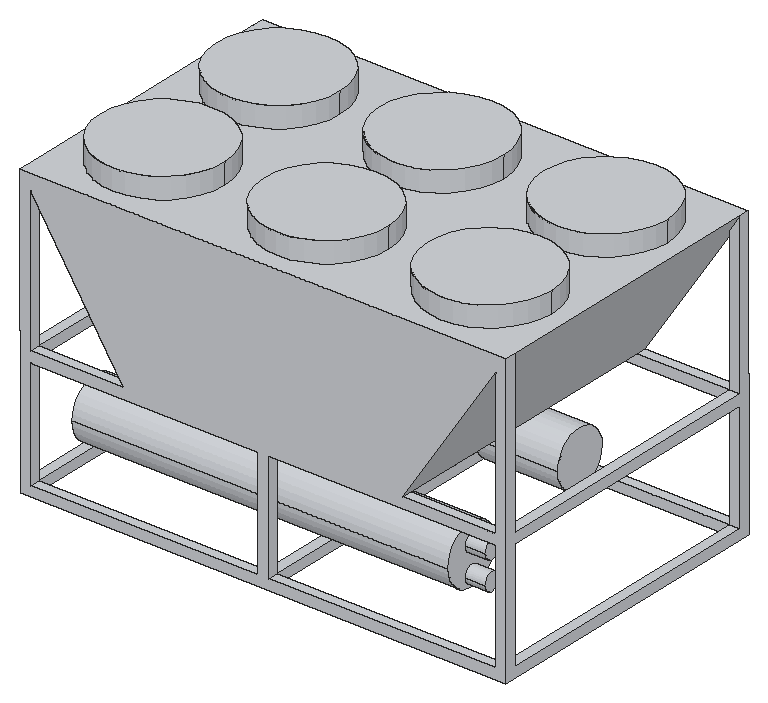
Revit family "c556f8a1758b4144b955f303002b6293", category Mechanical Equipment, Revit 2021
Family settings
  Round Connector Dimension = Use Radius
  Part Type = Normal
  OmniClass Number = 23.75.10.24.21.21.21
  OmniClass Title = Rotary-Screw Water Chillers
  Seek Item ID = Screw Chiller - Air Cooled - 80-350 Tons-0000-USA-ENU
  Work Plane-Based = No
  Always vertical = Yes
  Cut with Voids When Loaded = No
  Shared = No
  Room Calculation Point = No
Parameters (values of type "80 Tons")
  Voltage = 460 V
  Load Classification = Cooling
  Default Elevation = 0' - 0"
  Chilled Water Pressure Drop [instance] = 5.03 psi
  Radius 1 = 0' 5" + Chilled Water Return Radius + 0' 1"  # 0' - 8 1/2"
  Number of Poles = 3
  Number of Fans = 6
  Length 2 = Radius 1 + 0' 1"  # 0' - 9 1/2"
  Length 1 = 0' - 5 53/64"
  Half Number of Fans = Number of Fans / 2  # 3
  Drain Flow [instance] = 0 GPM
  Chilled Water Supply Radius = Chilled Water Supply Diameter / 2  # 2 1/2"
  Chilled Water Supply Diameter = 5"
  Chilled Water Return Radius = Chilled Water Return Diameter / 2  # 2 1/2"
  Chilled Water Return Diameter = 5"
  Chilled Water Flow [instance] = 181 GPM
  Cold Capacity = 905886 Btu/h
  Chiller Material = none
  Chiller Length = 11' - 9 7/32"
  C2 Offset 2 = 0' - 10 205/256"
  C1 Offset 3 = 10' - 1 11/64"
  C1 Offset 2 = 1' - 7 15/256"
  C1 Offset 1 = 5' - 8 15/256"
  Apparent Load [instance] = 91600 VA
Types (8): name | Chilled Water Pressure Drop | Radius 1 | Number of Fans | Length 2 | Length 1 | Half Number of Fans | Chilled Water Supply Radius | Chilled Water Supply Diameter | Chilled Water Return Radius | Chilled Water Return Diameter | Chilled Water Flow | Cold Capacity | Chiller Length | C2 Offset 2 | C1 Offset 3 | C1 Offset 2 | C1 Offset 1 | Apparent Load
  (no name) | 5.03 psi | 0' - 8 1/2" | 6 | 0' - 9 1/2" | 0' - 5 53/64" | 3 | 2 1/2" | 5" | 2 1/2" | 5" | 181 GPM | 905886 Btu/h | 11' - 9 7/32" | 0' - 10 205/256" | 10' - 1 11/64" | 1' - 7 15/256" | 5' - 8 15/256" | 91600 VA
  80 Tons | 5.03 psi | 0' - 8 1/2" | 6 | 0' - 9 1/2" | 0' - 5 53/64" | 3 | 2 1/2" | 5" | 2 1/2" | 5" | 181 GPM | 905886 Btu/h | 11' - 9 7/32" | 0' - 10 205/256" | 10' - 1 11/64" | 1' - 7 15/256" | 5' - 8 15/256" | 91600 VA
  90-120 Tons | 5.98 psi | 0' - 8 1/2" | 8 | 0' - 9 1/2" | 0' - 5 131/256" | 4 | 2 1/2" | 5" | 2 1/2" | 5" | 265 GPM | 1327268 Btu/h | 15' - 8 51/256" | 0' - 10 69/256" | 11' - 2 187/256" | 1' - 7 15/256" | 5' - 10 41/256" | 129500 VA
  140-160 Tons | 5.72 psi | 0' - 8 1/2" | 10 | 0' - 9 1/2" | 0' - 5 215/256" | 5 | 2 1/2" | 5" | 2 1/2" | 5" | 364 GPM | 1825761.2 Btu/h | 19' - 7 61/256" | 0' - 10 69/256" | 11' - 3 15/256" | 1' - 7 15/256" | 5' - 10 41/256" | 173000 VA
  180-200 Tons | 6.68 psi | 0' - 9" | 12 | 0' - 10" | 5' - 1 77/128" | 6 | 3" | 6" | 3" | 6" | 464 GPM | 2325960.4 Btu/h | 23' - 6 51/256" | 0' - 11 77/256" | 14' - 9 83/128" | 1' - 10 123/256" | 5' - 10 41/256" | 217200 VA
  220-240 Tons | 7.67 psi | 0' - 9" | 14 | 0' - 10" | 9' - 0 77/128" | 7 | 3" | 6" | 3" | 6" | 546 GPM | 2735059.2 Btu/h | 27' - 5 67/256" | 0' - 11 77/256" | 18' - 8 83/128" | 1' - 10 123/256" | 5' - 10 41/256" | 264100 VA
  260-300 Tons | 5.68 psi | 0' - 10" | 16 | 0' - 11" | 15' - 8 45/128" | 8 | 4" | 8" | 4" | 8" | 688 GPM | 3446802.4 Btu/h | 31' - 4 51/256" | 1' - 0 27/128" | 25' - 4 91/128" | 1' - 11 161/256" | 5' - 11 15/256" | 326300 VA
  325-350 Tons | 6.42 psi | 0' - 10" | 18 | 0' - 11" | 19' - 4 169/256" | 9 | 4" | 8" | 4" | 8" | 775 GPM | 3885244.4 Btu/h | 35' - 3 61/256" | 1' - 0 27/128" | 29' - 1 5/256" | 1' - 11 161/256" | 5' - 11 15/256" | 1138700 VA
Reference planes (in)
  plane 1 "Center (Front/Back)": y = 0
  plane 2: z = 0
  plane 3 "Center (Left/Right)": x = 0
  plane 4: y = -88.03125
  plane 5: x = 141.21875
  plane 6: z = 90.55078
  plane 7: z = 84.55078
  plane 8: x = 70.60938
  plane 9: x = 69.10938
  plane 10: x = 72.10938
  plane 11: x = 3
  plane 12: y = -3
  plane 13: y = -85.03125
  plane 14: x = 138.21875
  plane 15: z = 3
  plane 16: z = 35
  plane 17: z = 38
  plane 18: x = 30
  plane 19: x = 111.21875
  plane 20: z = 22.19922
  plane 21: z = 54
  plane 22: y = -53.92188
  plane 23: x = 8
  plane 24: y = -18
  plane 25: z = 10.80078
  plane 26: z = 15.80078
  plane 27: x = 58.60938
  plane 28: x = 82.60938
  plane 29: x = 34.60938
  plane 30: x = 106.60938
  plane 31: y = -68.05859
  plane 32: z = 19.05859
  plane 33: x = 5.82813
  plane 34: x = 121.17188
  plane 35: x = 115.17188
  plane 36: x = 7.82813
  plane 37: z = 6.30078
  plane 38: x = 23
  plane 39: x = 118.21875
  plane 40: y = -23
  plane 41: y = -26.5
  plane 42: x = 4.15625
Forms (in)
  Extrusion 1, solid, material <- "Chiller Material"
    sketch origin (0, 0, 0) x (1, 0, 0) y (0, 1, 0)
      loop
        line (0, 0) -> (0, -88.03125) -> (141.21875, -88.03125) -> (141.21875, 0) -> (0, 0)
      loop
        line (3, -3) -> (3, -85.03125) -> (69.10938, -85.03125) -> (69.10938, -3) -> (3, -3)
      loop
        line (72.10938, -3) -> (72.10938, -85.03125) -> (138.21875, -85.03125) -> (138.21875, -3) -> (72.10938, -3)
    from 0 to 3
  Extrusion 2, solid, material <- "Chiller Material"
    sketch origin (0, 0, 0) x (1, 0, 0) y (0, 1, 0)
      loop
        line (0, 0) -> (0, -88.03125) -> (141.21875, -88.03125) -> (141.21875, 0) -> (0, 0)
      loop
        line (3, -3) -> (3, -85.03125) -> (69.10938, -85.03125) -> (69.10938, -3) -> (3, -3)
      loop
        line (72.10938, -3) -> (72.10938, -85.03125) -> (138.21875, -85.03125) -> (138.21875, -3) -> (72.10938, -3)
    from 35 to 38
  Extrusion 3, solid, material <- "Chiller Material"
    sketch origin (0, 0, 0) x (1, 0, 0) y (0, 1, 0)
      loop
        line (0, 0) -> (0, -3) -> (3, -3) -> (3, 0) -> (0, 0)
      loop
        line (69.10938, 0) -> (69.10938, -3) -> (72.10938, -3) -> (72.10938, 0) -> (69.10938, 0)
      loop
        line (138.21875, 0) -> (138.21875, -3) -> (141.21875, -3) -> (141.21875, 0) -> (138.21875, 0)
      loop
        line (138.21875, -85.03125) -> (138.21875, -88.03125) -> (141.21875, -88.03125) -> (141.21875, -85.03125) -> (138.21875, -85.03125)
      loop
        line (69.10938, -85.03125) -> (69.10938, -88.03125) -> (72.10938, -88.03125) -> (72.10938, -85.03125) -> (69.10938, -85.03125)
      loop
        line (0, -85.03125) -> (0, -88.03125) -> (3, -88.03125) -> (3, -85.03125) -> (0, -85.03125)
    from 0 to 84.55078
  Extrusion 4, solid, material <- "Chiller Material"
    sketch origin (0, 0, 0) x (1, 0, 0) y (0, 0, 1)
      loop
        line (30, 38) -> (111.21875, 38) -> (141.21875, 84.55078) -> (0, 84.55078) -> (30, 38)
    from 88.03125 to 0
  Extrusion 5, solid, material <- "Chiller Material"
    sketch origin (0, 0, 0) x (0, 1, 0) y (0, 0, 1)
      loop
        line (0, 54) -> (-53.92188, 54) -> (-53.92188, 22.19922) -> (0, 22.19922) -> (0, 54)
    from 0 to 8
  Extrusion 6, solid, material <- "Chiller Material"
    sketch origin (0, 0, 0) x (0, 1, 0) y (0, 0, 1)
      loop
        circle (-18, 15.80078) r 8
    from 34.60938 to 58.60938
  Extrusion 7, solid, material <- "Chiller Material"
    sketch origin (0, 0, 0) x (0, 1, 0) y (0, 0, 1)
      loop
        circle (-18, 15.80078) r 8
    from 82.60938 to 106.60938
  Extrusion 8, solid, material <- "Chiller Material"
    sketch origin (0, 0, 0) x (0, 1, 0) y (0, 0, 1)
      loop
        circle (-68.05859, 15.80078) r 8.5
    from 5.82813 to 115.17187
  Extrusion 9, solid, material <- "Chiller Material"
    sketch origin (0, 0, 0) x (0, 1, 0) y (0, 0, 1)
      loop
        circle (-68.05859, 10.80078) r 2.5
      loop
        circle (-68.05859, 19.05859) r 2.5
    from 115.17187 to 121.17187
  Extrusion 10, solid, material <- "Chiller Material"
    sketch origin (0, 0, 0) x (1, 0, 0) y (0, 1, 0)
      loop
        circle (7.82813, -68.05859) r 0.1875
    from 6.30078 to 15.80078
  Extrusion 11, solid, material <- "Chiller Material"
    sketch origin (0, 0, 0) x (1, 0, 0) y (0, 1, 0)
      loop
        circle (4.15625, -26.5) r 1.25
    from 22.19922 to 54
Cuts and joins
  joined: Extrusion 1, Extrusion 2, Extrusion 3, Extrusion 4, Extrusion 5, Extrusion 6, Extrusion 7, Extrusion 8, Extrusion 9, Extrusion 10, Extrusion 11
Dimensions and locks (in)
  locked: plane 1 "Center (Front/Back)" to plane 4 at 88.03125
  "Chiller Length": plane 5 to plane 3 "Center (Left/Right)"
  locked: plane 6 to plane 2 at 90.55078
  locked: plane 6 to plane 7 at 6
  equal spacing: plane 5, plane 8, plane 3 "Center (Left/Right)"
  locked: plane 9 to plane 8 at 1.5
  locked: plane 8 to plane 10 at 1.5
  locked: plane 14 to plane 5 at 3
  locked: plane 3 "Center (Left/Right)" to plane 11 at 3
  locked: plane 1 "Center (Front/Back)" to plane 12 at 3
  locked: plane 13 to plane 4 at 3
  locked: plane 15 to plane 2 at 3
  locked: plane 16 to plane 2 at 35
  locked: plane 17 to plane 16 at 3
  locked: plane 18 to plane 3 "Center (Left/Right)" at 30
  locked: plane 5 to plane 19 at 30
  locked: plane 20 to plane 2 at 22.19922
  locked: plane 21 to plane 2 at 54
  locked: plane 1 "Center (Front/Back)" to plane 22 at 53.92188
  locked: plane 3 "Center (Left/Right)" to plane 23 at 8
  locked: plane 24 to plane 12 at 15
  "C2 Offset 2": plane 25 to plane 2
  locked: plane 26 to plane 25 at 5
  locked: plane 8 to plane 27 at 12
  locked: plane 28 to plane 8 at 12
  locked: plane 27 to plane 29 at 24
  locked: plane 30 to plane 28 at 24
  "C1 Offset 1": plane 1 "Center (Front/Back)" to plane 31
  "C1 Offset 2": plane 32 to plane 2
  "Length 1": plane 3 "Center (Left/Right)" to plane 33
  "C1 Offset 3": plane 3 "Center (Left/Right)" to plane 34
  locked: plane 35 to plane 34 at 6
  locked: plane 33 to plane 36 at 2
  "Length 2": plane 26 to plane 37
  locked: plane 3 "Center (Left/Right)" to plane 38 at 23
  locked: plane 39 to plane 5 at 23
  locked: plane 1 "Center (Front/Back)" to plane 40 at 23
  equal spacing: group 1, group 3, group 2  (x3)
  locked: plane 1 "Center (Front/Back)" to plane 41 at 26.5
  locked: plane 3 "Center (Left/Right)" to plane 42 at 4.15625
  radius of Extrusion 6 sketch curve = 0' - 8"
  radius of Extrusion 7 sketch curve = 0' - 8"
  "Radius 1": radius of Extrusion 8 sketch curve
  "Chilled Water Return Radius": radius of Extrusion 9 sketch curve
  "Chilled Water Supply Radius": radius of Extrusion 9 sketch curve
  radius of Extrusion 10 sketch curve = 0' - 0 3/16"
  radius of Extrusion 11 sketch curve = 0' - 1 1/4"
  aligned and locked: plane 3 "Center (Left/Right)" to Extrusion 1 sketch curve
  aligned and locked: plane 1 "Center (Front/Back)" to Extrusion 1 sketch curve
  aligned and locked: plane 4 to Extrusion 1 sketch curve
  aligned and locked: plane 11 to Extrusion 1 sketch curve
  aligned and locked: Extrusion 1 sketch curve to plane 12  (x2)
  aligned and locked: plane 13 to Extrusion 1 sketch curve  (x2)
  aligned and locked: Extrusion 1 sketch curve to plane 9
  aligned and locked: plane 10 to Extrusion 1 sketch curve
  aligned and locked: Extrusion 1 sketch curve to plane 14
  aligned and locked: Extrusion 1 to plane 2
  aligned and locked: plane 15 to Extrusion 1
  aligned and locked: plane 1 "Center (Front/Back)" to Extrusion 2 sketch curve
  aligned and locked: plane 3 "Center (Left/Right)" to Extrusion 2 sketch curve
  aligned and locked: plane 4 to Extrusion 2 sketch curve
  aligned and locked: Extrusion 2 sketch curve to plane 5
  aligned and locked: Extrusion 2 sketch curve to plane 12  (x2)
  aligned and locked: plane 11 to Extrusion 2 sketch curve
  aligned and locked: plane 13 to Extrusion 2 sketch curve  (x2)
  aligned and locked: Extrusion 2 sketch curve to plane 9
  aligned and locked: plane 10 to Extrusion 2 sketch curve
  aligned and locked: Extrusion 2 sketch curve to plane 14
  aligned and locked: plane 17 to Extrusion 2
  aligned and locked: Extrusion 2 to plane 16
  aligned and locked: plane 4 to Extrusion 3 sketch curve  (x3)
  aligned and locked: plane 3 "Center (Left/Right)" to Extrusion 3 sketch curve  (x2)
  aligned and locked: Extrusion 3 sketch curve to plane 13  (x3)
  aligned and locked: Extrusion 3 sketch curve to plane 11  (x2)
  aligned and locked: plane 9 to Extrusion 3 sketch curve  (x2)
  aligned and locked: Extrusion 3 sketch curve to plane 10  (x2)
  aligned and locked: Extrusion 3 sketch curve to plane 5  (x2)
  aligned and locked: plane 14 to Extrusion 3 sketch curve  (x2)
  aligned and locked: plane 12 to Extrusion 3 sketch curve  (x3)
  aligned and locked: plane 1 "Center (Front/Back)" to Extrusion 3 sketch curve  (x3)
  aligned and locked: Extrusion 3 to plane 2
  aligned and locked: plane 7 to Extrusion 3
  aligned and locked: plane 7 to Extrusion 4 sketch curve
  aligned and locked: plane 17 to Extrusion 4 sketch curve
  aligned and locked: plane 19 to Extrusion 4 sketch curve
  aligned and locked: plane 18 to Extrusion 4 sketch curve
  aligned and locked: plane 3 "Center (Left/Right)" to Extrusion 4 sketch curve
  aligned and locked: plane 5 to Extrusion 4 sketch curve
  aligned and locked: Extrusion 4 sketch curve to plane 7
  aligned and locked: Extrusion 4 sketch curve to plane 17
  aligned and locked: Extrusion 4 to plane 4
  aligned and locked: Extrusion 4 to plane 1 "Center (Front/Back)"
  aligned and locked: Extrusion 5 sketch curve to plane 21
  aligned and locked: plane 1 "Center (Front/Back)" to Extrusion 5 sketch curve
  aligned and locked: plane 20 to Extrusion 5 sketch curve
  aligned and locked: Extrusion 5 sketch curve to plane 22
  aligned and locked: Extrusion 5 to plane 3 "Center (Left/Right)"
  aligned and locked: plane 23 to Extrusion 5
  aligned and locked: plane 26 to Extrusion 6 sketch curve
  aligned and locked: plane 24 to Extrusion 6 sketch curve
  aligned and locked: plane 27 to Extrusion 6
  aligned and locked: Extrusion 6 to plane 29
  aligned and locked: plane 26 to Extrusion 7 sketch curve
  aligned and locked: plane 24 to Extrusion 7 sketch curve
  aligned and locked: plane 30 to Extrusion 7
  aligned and locked: Extrusion 7 to plane 28
  aligned and locked: plane 26 to Extrusion 8 sketch curve
  aligned and locked: plane 31 to Extrusion 8 sketch curve
  aligned and locked: plane 35 to Extrusion 8
  aligned and locked: Extrusion 8 to plane 33
  aligned and locked: plane 25 to Extrusion 9 sketch curve
  aligned and locked: plane 31 to Extrusion 9 sketch curve  (x2)
  aligned and locked: plane 32 to Extrusion 9 sketch curve
  aligned and locked: plane 34 to Extrusion 9
  aligned and locked: Extrusion 9 to plane 35
  aligned and locked: plane 31 to Extrusion 10 sketch curve
  aligned and locked: plane 36 to Extrusion 10 sketch curve
  aligned and locked: plane 26 to Extrusion 10
  aligned and locked: Extrusion 10 to plane 37
  aligned and locked: plane 38 to nested 1
  aligned and locked: plane 40 to nested 1
  aligned and locked: nested 1 to plane 7
  aligned and locked: plane 40 to nested 2
  aligned and locked: plane 39 to nested 2
  aligned and locked: plane 41 to Extrusion 11 sketch curve
  aligned and locked: plane 42 to Extrusion 11 sketch curve
  aligned and locked: plane 21 to Extrusion 11
  aligned and locked: Extrusion 11 to plane 20
Automatic sketch dimensions
  Extrusion 1 sketch curve to plane 1 "Center (Front/Back)" = 0' - 0"
  Extrusion 1 sketch curve to plane 5 = 0' - 0"
Nested families (in)
  nested 1: "80-350 Tons Air Cooled Screw Chiller_Fan" at (0, 0, 84.55078), type "80-350 Tons Air Cooled Screw Chiller_Fan"
  nested 2: "80-350 Tons Air Cooled Screw Chiller_Fan" at (95.21875, 0, 84.55078), type "80-350 Tons Air Cooled Screw Chiller_Fan"
  nested 3: "80-350 Tons Air Cooled Screw Chiller_Fan" at (47.60938, 0, 84.55078), type "80-350 Tons Air Cooled Screw Chiller_Fan"
Connectors (in)
  piping at (121.17188, -68.05859, 10.80078), diameter 5, driven by "Chilled Water Return Radius", driven by "Chilled Water Flow"
    settings: on cut or joined group 1 (Extrusion 1, Extrusion 2, Extrusion 3, Extrusion 4, Extrusion 5, Extrusion 6, Extrusion 7, Extrusion 8, Extrusion 9, Extrusion 10, Extrusion 11), index 1, connector inside diameter 5", connector length 0' - 0", flow factor 0, pipe flow 181 GPM, pressure drop 0.00 psi, fitting loss kfactor 0, connector angle 0.00°, fixture units 0, engagement length 0' - 0", angle of deflection 0.00°, flow configuration 0, flow direction 1, fitting loss method 4, system type 8, joint type 0, gender type 0, connector reference index 2, connector utility 0, adjustable connector no, is connector primary yes, connector description "Chilled Water In"
  piping at (121.17188, -68.05859, 19.05859), diameter 5, driven by "Chilled Water Pressure Drop", driven by "Chilled Water Flow", driven by "Chilled Water Supply Radius"
    settings: on cut or joined group 1, index 2, connector inside diameter 5", connector length 0' - 0", flow factor 0, pipe flow 181 GPM, pressure drop 5.03 psi, fitting loss kfactor 0, connector angle 0.00°, fixture units 0, engagement length 0' - 0", angle of deflection 0.00°, flow configuration 0, flow direction 2, fitting loss method 4, system type 7, joint type 0, gender type 0, connector reference index 1, connector utility 0, adjustable connector no, is connector primary no, connector description "Chilled Water Out"
  piping at (7.82813, -68.05859, 6.30078), diameter 0.375, driven by "Drain Flow"
    settings: on cut or joined group 1, index 3, connector inside diameter 3/8", connector length 0' - 0", flow factor 0, pipe flow 0 GPM, pressure drop 0.00 psi, fitting loss kfactor 0, connector angle 0.00°, fixture units 0, engagement length 0' - 0", angle of deflection 0.00°, flow configuration 1, flow direction 2, fitting loss method 0, system type 16, joint type 0, gender type 0, connector reference index -1, connector utility 0, adjustable connector no, is connector primary no, connector description "Drain Out"
  electrical at (3.66667, -18.97396, 22.19922), driven by "Number of Poles", driven by "Voltage", driven by "Apparent Load", driven by "Load Classification"
    settings: on cut or joined group 1, index 4, voltage 460 V, apparent load 91600 VA, apparent load phase1 0 VA, apparent load phase2 0 VA, apparent load phase3 0 VA, power factor 0.8, load classification "Cooling", number of poles 3, system type 30, power factor state 1, is connector primary yes, connector utility no, sub classification motor no, connector description ""
Definition of nested family "80-350 Tons Air Cooled Screw Chiller_Fan"
  Parameters
    Default Elevation = 0' - 0"
    Chiller Material = none
  Reference planes (in)
    plane 1 "Center (Front/Back)": y = 0
    plane 2: z = 0
    plane 3 "Center (Left/Right)": x = 0
    plane 4: y = -88.03125
    plane 5: x = 23
    plane 6: y = -23
    plane 7: y = -65.03125
    plane 8: z = 6
  Forms (in)
    Extrusion 1, solid, material <- "Chiller Material"
      sketch origin (0, 0, 0) x (1, 0, 0) y (0, 1, 0)
        loop
          circle (23, -23) r 18
        loop
          circle (23, -65.03125) r 18
      from 0 to 6
  Dimensions and locks (in)
    locked: plane 1 "Center (Front/Back)" to plane 4 at 88.03125
    locked: plane 3 "Center (Left/Right)" to plane 5 at 23
    locked: plane 1 "Center (Front/Back)" to plane 6 at 23
    locked: plane 7 to plane 4 at 23
    locked: plane 8 to plane 2 at 6
    radius of Extrusion 1 sketch curve = 1' - 6"  (x2)
    aligned and locked: plane 6 to Extrusion 1 sketch curve
    aligned and locked: plane 5 to Extrusion 1 sketch curve  (x2)
    aligned and locked: plane 7 to Extrusion 1 sketch curve
    aligned and locked: Extrusion 1 to plane 2
    aligned and locked: plane 8 to Extrusion 1
